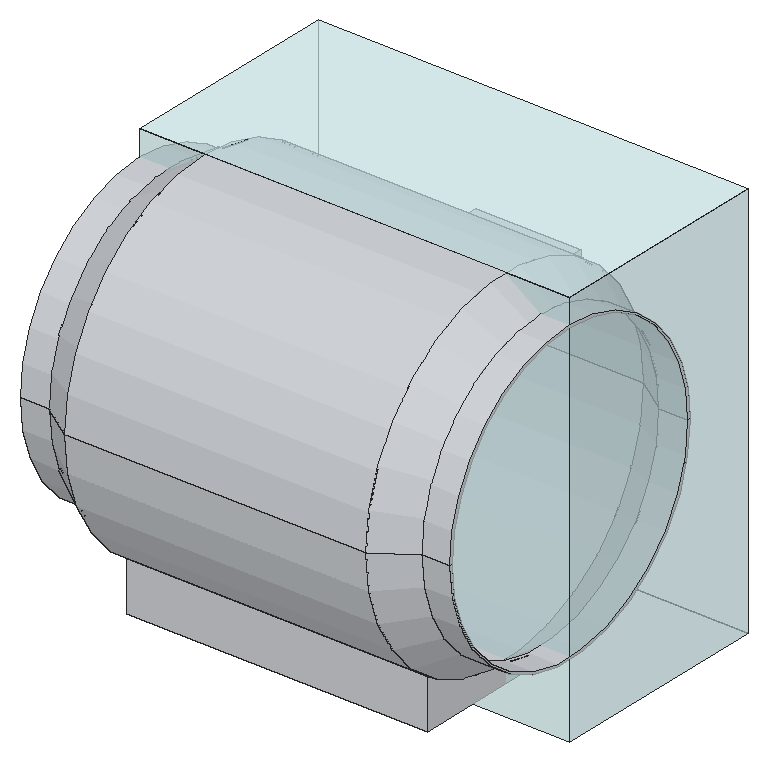
Revit family "Vents_TT PRO EC_2016_19.08", category Оборудование, Revit 2016
Family settings
  Тип детали = Вставляется
  Размер круглого соединителя = Использовать диаметр
  На основе рабочей плоскости = Нет
  Всегда вертикально = Нет
  При загрузке вырезать с полостями = Нет
  Общий = Нет
  Точка расчета площади = Нет
Parameters (values of type "ТТ PRO 315 EC")
  Угол = 60.00°
  Использовать масштаб аннотаций [instance] = 0
  Группа модели = "ТТ PRO EC"
  Variable Speed Drive = no
  Sound Pressure Level at 3m  dBA = "55"
  Service Zone 2 = 2 * LL1  # 443 mm
  Service Zone 1 = (R2 * 2) + 20 mm  # 380 mm
  Service Zone = R2 + 50 mm  # 230 mm
  Power = 306 W
  PValue [instance] = 0.0 Pa
  Motor IP Rating = "IPX4"
  WW2 = 102 mm
  WW1 = 100 mm
  W = 500 mm
  Voltage = 230 V
  URL = "https://ventilation-system.com/product/tt-315#characteristic"
  RR4 = 12 mm
  RR3 = 50 mm
  R3 = 49 mm
  R2 = 180 mm
  R1 = 154.5 mm
  Productdata [instance] = ""
  PE = 200 mm
  PC = 223 mm
  Изготовитель = "VENTS"
  Mass = 11.95 kg
  MC Product Code = "ТТ PRO  315 EC"
  LL7 = 98 mm
  LL6 = 118 mm
  L8 = 108 mm
  LL4 = 54 mm
  LL3 = 155 mm
  LL2 = 192 mm
  LL1 = 221.5 mm
  Ingress Protection Rating = "IPX4"
  HH3 = R2  # 180 mm
  HH2 = 132 mm
  HH1 = 67.5 mm
  Описание = "Inline mixed-flow fan"
  FlowMax = 1995.0 m³/h
  Flow [instance] = 1995.0 m³/h
  EC motor = yes
  D = 315 mm
  Current = 2 A
  Certification = "by Manifacturer"
  CAT2 = yes
  CAT1 = yes
  CAT0 = yes
Types (7, lengths in mm): name | Sound Pressure Level at 3m  dBA | Service Zone 2 | Service Zone 1 | Service Zone | Power | WW2 | WW1 | URL | RR3 | R2 | R1 | PE | PC | Mass | MC Product Code | LL6 | L8 | LL4 | LL3 | LL2 | LL1 | HH3 | HH2 | HH1 | FlowMax | Flow | D | Current
  TT PRO 160 EC | "47" | 254 | 237 | 158.5 | 65 W | 52 | 70 | "https://ventilation-system.com/product/tt-pro-160#characteristic" | 43.351 | 108.5 | 79 | 133 | 156 | 3.25 kg | "ТТ PRO 160 EC" | 43 | 82 | 41 | 69 | 97 | 127 | 108.5 | 49 | 50 | 602.0 m³/h | 602.0 m³/h | 160 | 0.53 A
  TT PRO 200 EC | "49" | 278 | 259 | 169.5 | 140 W | 52 | 70 | "https://ventilation-system.com/product/tt-pro-200#characteristic" | 43.351 | 119.5 | 98.5 | 130 | 166 | 3.95 kg | "ТТ PRO 200 EC" | 43 | 82 | 41 | 70 | 109 | 139 | 119.5 | 49 | 50 | 1095.0 m³/h | 1095.0 m³/h | 200 | 0.99 A
  ТТ PRO 250 EC | "53" | 383 | 308 | 194 | 197 W | 72 | 70 | "https://ventilation-system.com/product/tt-pro-250#characteristic" | 50 | 144 | 123.5 | 150 | 189 | 7.80 kg | "ТТ PRO  250 EC" | 88.5 | 108 | 54 | 119 | 150 | 191.5 | 144 | 49 | 50 | 1500.0 m³/h | 1500.0 m³/h | 250 | 1.35 A
  ТТ PRO 315 EC | "55" | 443 | 380 | 230 | 306 W | 102 | 100 | "https://ventilation-system.com/product/tt-315#characteristic" | 50 | 180 | 154.5 | 200 | 223 | 11.95 kg | "ТТ PRO  315 EC" | 118 | 108 | 54 | 155 | 192 | 221.5 | 180 | 132 | 67.5 | 1995.0 m³/h | 1995.0 m³/h | 315 | 2 A
  TT PRO 150 EC | "47" | 254 | 237 | 158.5 | 65 W | 58 | 56 | "https://ventilation-system.com/product/tt-pro-150-ec#characteristic" | 50 | 108.5 | 74 | 133 | 156 | 2.95 kg | "ТТ PRO 150 EC" | 118 | 108 | 54 | 71 | 97 | 127 | 108.5 | 132 | 67.5 | 602.0 m³/h | 602.0 m³/h | 150 | 0.53 A
  TT PRO 125 EC | "52" | 259 | 213 | 146.5 | 45 W | 52 | 50 | "https://ventilation-system.com/product/tt-pro-125-ec#characteristic" | 31 | 96.5 | 61.5 | 120 | 121 | 2.15 kg | "ТТ PRO 125 EC" | 43 | 82 | 41 | 67 | 100 | 129.5 | 96.5 | 49 | 50 | 460.0 m³/h | 460.0 m³/h | 125 | 0.39 A
  TT PRO 100 EC | "47" | 303 | 212 | 146 | 32 W | 52 | 50 | "https://ventilation-system.com/product/tt-pro-100-ec#characteristic" | 31 | 96 | 48.5 | 103 | 120 | 1.75 kg | "ТТ PRO 100 EC" | 43 | 82 | 41 | 65 | 124 | 151.5 | 96 | 49 | 50 | 300.0 m³/h | 300.0 m³/h | 100 | 0.29 A
Reference planes
  plane 1 "Center (Front/Back)": y = 0
  plane 2 "XYPLANE": z = 0
  plane 3 "Center (Left/Right)": x = 0
  plane 4 "219": y = 0
  plane 5 "218": z = -180
  plane 6 "217": y = -102
  plane 7 "216": y = 102
  plane 8 "215": z = -132
  plane 9 "214": y = -70
  plane 10 "213": y = 70
  plane 11 "212": z = -200
  plane 12 "211": x = -118
  plane 13 "210": y = 49
  plane 14 "209": z = 67.5
  plane 15 "208": z = -67.5
  plane 16 "207": y = 223
  plane 17 "206": x = -54
  plane 18 "205": z = 0
  plane 19 "204": y = 180
  plane 20 "203": y = 154.5
  plane 21 "202": x = 221.5
  plane 22 "201": x = 192
  plane 23 "200": x = 155
  plane 24 "199": x = -155
  plane 25 "198": x = -192
  plane 26 "197": x = -221.5
  plane 27: y = -50
  plane 28: y = 50
  plane 29: y = 0
  plane 30: y = 0
Forms (mm)
  Extrusion 1, solid, visible <- "CAT0", detail levels fine
    sketch origin (-54, -750, 0) x (0, 1, 0) y (0, 0, 1)
      loop
        arc (916.864, 67.5) -> (930, 0) -> (916.864, -67.5) r 180
        line (916.864, -67.5) -> (973, -67.5) -> (973, 67.5) -> (916.864, 67.5)
    from 0 to 108 <- "L8"
  Revolve 2, solid, visible <- "CAT0", detail levels medium+fine
    sketch origin (-147.5, 75, 0) x (0, 1, 0) y (-1, 0, 0)
      loop
        line (79.5, 74) -> (77.5, 74) -> (77.5, 44.069) -> (103, 7.069) -> (103, -302.069) -> (77.5, -339.069) -> (77.5, -369) -> (79.5, -369) -> (79.5, -339.5) -> (105, -302.5) -> (105, 7.5) -> (79.5, 44.5) -> (79.5, 74)
      axis (-75, 74) -> (-75, -369)
    angle from 0 to 360
  Extrusion 3, solid, not visible
    sketch origin (-221.5, -750, 0) x (0, 1, 0) y (0, 0, 1)
      loop
        circle (750, 0) r 10
    from 0 to 10
  Extrusion 4, solid, not visible
    sketch origin (221.5, -750, 0) x (0, 1, 0) y (0, 0, 1)
      loop
        circle (750, 0) r 10
    from 0 to -10
  Extrusion 5, solid, material "Service zone", detail levels medium+fine
    sketch origin (15, 0, 0) x (1, 0, 0) y (0, 0, 1)
      loop
        line (-236.5, 180) -> (-236.5, -231.113) -> (206.5, -231.113) -> (206.5, 180) -> (-236.5, 180)
    from 0 to -230
  Extrusion 6, solid, detail levels fine
    sketch origin (-54, -721.809, 3) x (0, 1, 0) y (0, 0, 1)
      loop
        line (621.809, -152.666) -> (621.809, -203) -> (821.809, -203) -> (821.809, -152.666)
        arc (821.809, -152.666) -> (721.809, -183) -> (621.809, -152.666) r 180
    from -101 to 209
Lines and regions (mm)
  reference lines, not visible
    curve 1: circle (2, 2, 0) r 1 normal (0, 0, 1)
  model lines, detail levels coarse
    curve 2: line (-180, 0, 0) -> (-236.5, 0, 0)
    curve 3: circle (0, 0, 0) r 235 normal (0, 0, -1)
    curve 4: line (235, 0, 0) -> (-117.5, -203.516, 0)
    curve 5: line (-117.5, -203.516, 0) -> (-117.5, 203.516, 0)
    curve 6: line (-117.5, 203.516, 0) -> (235, 0, 0)
  model lines
    curve 7: line (235, 0, 0) -> (221.5, 0, 0)
    curve 8: line (235, 0, 0) -> (221.5, 0, 0)
    curve 9: line (-235, 0, 0) -> (-221.5, 0, 0)
    curve 10: line (-235, 0, 0) -> (-221.5, 0, 0)
Dimensions and locks
  locked: plane 1 "Center (Front/Back)" to plane 4 "219"
  "HH3": plane 2 "XYPLANE" to plane 5 "218"
  "WW2": plane 1 "Center (Front/Back)" to plane 6 "217"
  "WW2": plane 1 "Center (Front/Back)" to plane 7 "216"
  "HH2": plane 2 "XYPLANE" to plane 8 "215"
  "PE": plane 2 "XYPLANE" to plane 11 "212"
  "LL6": plane 3 "Center (Left/Right)" to plane 12 "211"
  "R3": plane 1 "Center (Front/Back)" to plane 13 "210"
  "HH1": plane 2 "XYPLANE" to plane 14 "209"
  "HH1": plane 2 "XYPLANE" to plane 15 "208"
  "PC": plane 1 "Center (Front/Back)" to plane 16 "207"
  "LL4": plane 3 "Center (Left/Right)" to plane 17 "206"
  locked: plane 2 "XYPLANE" to plane 18 "205"
  "R2": plane 1 "Center (Front/Back)" to plane 19 "204"
  "R1": plane 1 "Center (Front/Back)" to plane 20 "203"
  "LL1": plane 3 "Center (Left/Right)" to plane 21 "202"
  "LL2": plane 3 "Center (Left/Right)" to plane 22 "201"
  "LL3": plane 3 "Center (Left/Right)" to plane 23 "200"
  "LL3": plane 3 "Center (Left/Right)" to plane 24 "199"
  "LL2": plane 3 "Center (Left/Right)" to plane 25 "198"
  "LL1": plane 3 "Center (Left/Right)" to plane 26 "197"
  Extrusion 1 sketch curve to Extrusion 1 sketch curve = 0 mm  (x4)
  Revolve 2 sketch curve to Revolve 2 sketch curve = 0 mm  (x8)
  "Service Zone 1": Extrusion 5 to plane 11 "212"
  plane 4 "219" to plane 16 "207" = 223 mm
  "PE": level to Extrusion 6
  "WW1": Extrusion 6 sketch curve to Extrusion 5
  "WW1": Extrusion 5 to Extrusion 6 sketch curve
  plane 5 "218" to plane 11 "212" = 20 mm
  "Service Zone": Extrusion 5 to Extrusion 5
  "R2": radius of Extrusion 6 sketch curve
  "R2": radius of Extrusion 1 sketch curve
  "Угол": angle curve 5 to curve 6
  "Угол": angle curve 6 to curve 4
  aligned and locked: level to plane 2 "XYPLANE"
  aligned and locked: plane 16 "207" to Extrusion 1 sketch curve
  aligned and locked: plane 14 "209" to Extrusion 1 sketch curve
  aligned and locked: plane 15 "208" to Extrusion 1 sketch curve
  aligned and locked: Extrusion 1 sketch curve to plane 16 "207"
  aligned and locked: plane 26 "197" to Revolve 2 sketch curve
  aligned and locked: plane 25 "198" to Revolve 2 sketch curve
  aligned and locked: plane 20 "203" to Revolve 2 sketch curve  (x2)
  aligned and locked: plane 19 "204" to Revolve 2 sketch curve  (x2)
  aligned and locked: plane 24 "199" to Revolve 2 sketch curve
  aligned and locked: plane 23 "200" to Revolve 2 sketch curve
  aligned and locked: plane 22 "201" to Revolve 2 sketch curve
  aligned and locked: plane 21 "202" to Revolve 2 sketch curve
  aligned and locked: Extrusion 3 sketch curve to plane 4 "219"
  aligned and locked: plane 18 "205" to Extrusion 3 sketch curve
  aligned and locked: Extrusion 4 sketch curve to plane 4 "219"
  aligned and locked: plane 18 "205" to Extrusion 4 sketch curve
  aligned and locked: Extrusion 5 to plane 26 "197"
  aligned and locked: plane 21 "202" to Extrusion 5
  aligned and locked: plane 24 "199" to Extrusion 6
  aligned and locked: Extrusion 6 to plane 23 "200"
  aligned and locked: plane 1 "Center (Front/Back)" to Extrusion 5
Automatic sketch dimensions
  plane 1 "Center (Front/Back)" to Revolve 2 sketch curve = 0 mm
  Revolve 2 sketch curve to plane 20 "203" = 2 mm  (x2)
  Revolve 2 sketch curve to plane 22 "201" = 0.431 mm
  plane 24 "199" to Revolve 2 sketch curve = 0.431 mm
  Revolve 2 sketch curve to plane 19 "204" = 2 mm
  Revolve 2 sketch curve to plane 23 "200" = 0.431 mm
  plane 25 "198" to Revolve 2 sketch curve = 0.431 mm
  plane 3 "Center (Left/Right)" to Revolve 2 sketch curve = 10 mm
  plane 25 "198" to Revolve 2 sketch curve = 19.5 mm
  plane 1 "Center (Front/Back)" to Extrusion 3 sketch curve = 10 mm
  plane 1 "Center (Front/Back)" to Extrusion 4 sketch curve = 10 mm
  plane 3 "Center (Left/Right)" to curve 1 = 2 mm
  Extrusion 5 sketch curve to plane 26 "197" = 0 mm
  Extrusion 5 sketch curve to plane 21 "202" = 0 mm
  Extrusion 5 sketch curve to plane 11 "212" = 31.113 mm
  plane 14 "209" to Extrusion 5 sketch curve = 112.5 mm
  curve 1 to plane 1 "Center (Front/Back)" = 2 mm
  curve 2 to level = 0 mm
  curve 2 to plane 26 "197" = 15 mm
  plane 25 "198" to curve 2 = 12 mm
  Extrusion 1 sketch curve to level = 0 mm
  Extrusion 1 sketch curve to plane 1 "Center (Front/Back)" = 0 mm
  Extrusion 6 sketch curve to level = 0 mm
  Extrusion 6 sketch curve to plane 1 "Center (Front/Back)" = 0 mm
  Extrusion 6 sketch curve to plane 11 "212" = 0 mm
  plane 1 "Center (Front/Back)" to curve 4 = 0 mm
  plane 1 "Center (Front/Back)" to curve 10 = 0 mm
  plane 1 "Center (Front/Back)" to curve 7 = 0 mm
  curve 8 to plane 21 "202" = 0 mm
  curve 3 to plane 3 "Center (Left/Right)" = 0 mm
  curve 10 to plane 26 "197" = 0 mm
  plane 12 "211" to curve 5 = 0.5 mm
  radius of curve 1 = 1 mm
Connectors
  hvac at (-221.5, 0, 0), driven by "D"
    settings: on Extrusion 3, index 1, duct flow 0.0 m³/h, flow factor 0, pres drop 0.0 Pa, loss coef 0, conn angle 0.00°, conn width 304.8 mm, conn height 304.8 mm, conn diameter 315 mm, duct sys type 29, conn prof type 0, flow config 0, flow direction 1, loss method 0, conn ref index 2, conn util no, is conn primary yes, conn desc ""
  hvac at (221.5, 0, 0), driven by "D"
    settings: on Extrusion 4, index 2, duct flow 0.0 m³/h, flow factor 0, pres drop 0.0 Pa, loss coef 0, conn angle 0.00°, conn width 304.8 mm, conn height 304.8 mm, conn diameter 315 mm, duct sys type 29, conn prof type 0, flow config 0, flow direction 2, loss method 0, conn ref index 1, conn util no, is conn primary no, conn desc ""
  electrical at (0, 194.932, 67.5)
    settings: on Extrusion 1, index 3, voltage 0 V, apparent load 0 VA, apparent load phase1 0 VA, apparent load phase2 0 VA, apparent load phase3 0 VA, power factor 1, load classification "Прочее", number of poles 1, system type 31, power factor state 1, is connector primary yes, connector utility no, sub classification motor no, connector description ""
